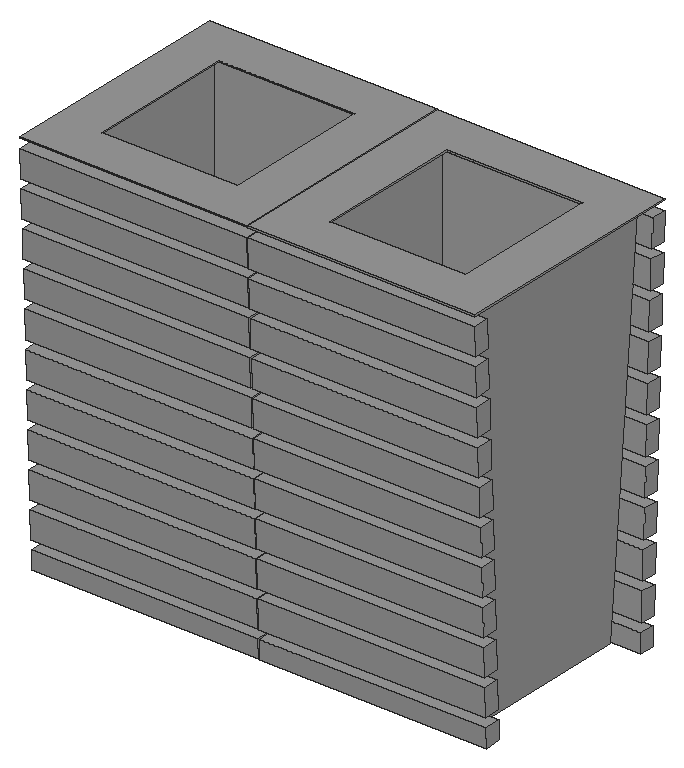
Revit family "Урна для раздельного сбора мусора «Алвариум» Арт 12846", category Антураж, Revit 2018
Family settings
  На основе рабочей плоскости = Нет
  Всегда вертикально = Да
  При загрузке вырезать с полостями = Нет
  Источник визуального образа = Геометрия семейства
  Общий = Нет
  Точка расчета площади = Нет
Parameters (values of type "Версия на 2 секции")
  Ширина = 390 mm  # constant formula
  Цвет урны = Сталь
  Цвет отходов бак №3 = Красный
  Цвет отходов бак №2 = Синий
  Цвет отходов бак №1 = Желтый
  Описание = if([2 секции], "Урна для раздельного сбора мусора «Алвариум». Версия на 2 секции", "Урна для раздельного сбора мусора «Алвариум». Версия на 3 секции")  # "Урна для раздельного сбора мусора «Алвариум». Версия на 2 секции"
  Материал изделия = "Сталь, дерево"  # constant formula
  Изображение типоразмера = Урна для раздельного сбора мусора «Алвариум» Арт 12846.jpg
  Изготовитель = "ООО «Хоббика»"  # constant formula
  Длина = if([2 секции], 745 mm, 1120 mm)  # 745 mm
  Группа модели = "Уличные урны"  # constant formula
  Высота = 650 mm  # constant formula
  Артикул товара = "Арт. 12846"  # constant formula
  URL = "https://hobbyka.ru/product/urna_dlya_razdelnogo_sbora_musora_alvarium/"
  3 секции = not([2 секции])  # no
  2 секции = yes
Types (3, lengths in mm): name | Описание | Длина | 3 секции | 2 секции
  (no name) | "Урна для раздельного сбора мусора «Алвариум». Версия на 2 секции" | 745 | no | yes
  Версия на 3 секции | "Урна для раздельного сбора мусора «Алвариум». Версия на 3 секции" | 1120 | yes | no
  Версия на 2 секции | "Урна для раздельного сбора мусора «Алвариум». Версия на 2 секции" | 745 | no | yes
Reference planes
  plane 1 "По центру (Вперед/Назад)": y = 0
  plane 2: z = 0
  plane 3 "По центру (Влево/Вправо)": x = 0
  plane 4: y = 390
  plane 5: z = 650
  plane 6: x = 745
Forms (mm)
  Extrusion 1, solid, material "Желтый" <- "Цвет отходов бак №1"
    sketch origin (0, 0, 0) x (1, 0, 0) y (0, 1, 0)
      loop
        line (0, 390) -> (0, 0) -> (372, 0) -> (372, 390) -> (0, 390)
      loop
        line (75, 315) -> (75, 75) -> (297, 75) -> (297, 315) -> (75, 315)
    from 648 to 650
  Extrusion 2, solid, material "Красный" <- "Цвет отходов бак №3", visible <- "3 секции"
    sketch origin (373, 0, 0) x (1, 0, 0) y (0, 1, 0)
      loop
        line (375, 390) -> (375, 0) -> (747, 0) -> (747, 390) -> (375, 390)
      loop
        line (450, 315) -> (450, 75) -> (672, 75) -> (672, 315) -> (450, 315)
    from 648 to 650
  Extrusion 3, solid, material "Синий" <- "Цвет отходов бак №2"
    sketch origin (374, 0, 0) x (1, 0, 0) y (0, 1, 0)
      loop
        line (0, 390) -> (0, 0) -> (372, 0) -> (372, 390) -> (0, 390)
      loop
        line (75, 315) -> (75, 75) -> (297, 75) -> (297, 315) -> (75, 315)
    from 648 to 650
  Blend 4, solid, material "Сталь" <- "Цвет урны"
    base sketch origin (0, 0, 0) x (1, 0, 0) y (0, 1, 0)
      loop
        line (50, 340) -> (50, 50) -> (322, 50) -> (322, 340) -> (50, 340)
    top sketch origin (0, 0, 0) x (1, 0, 0) y (0, 1, 0)
      loop
        line (25, 365) -> (25, 25) -> (347, 25) -> (347, 365) -> (25, 365)
    from 0 to 648
  Blend 5, solid, material "Сталь" <- "Цвет урны"
    base sketch origin (374, 0, 0) x (1, 0, 0) y (0, 1, 0)
      loop
        line (50, 340) -> (50, 50) -> (322, 50) -> (322, 340) -> (50, 340)
    top sketch origin (374, 0, 0) x (1, 0, 0) y (0, 1, 0)
      loop
        line (25, 365) -> (25, 25) -> (347, 25) -> (347, 365) -> (25, 365)
    from 0 to 648
  Blend 6, solid, material "Сталь" <- "Цвет урны", visible <- "3 секции"
    base sketch origin (748, 0, 0) x (1, 0, 0) y (0, 1, 0)
      loop
        line (50, 340) -> (50, 50) -> (322, 50) -> (322, 340) -> (50, 340)
    top sketch origin (748, 0, 0) x (1, 0, 0) y (0, 1, 0)
      loop
        line (25, 365) -> (25, 25) -> (347, 25) -> (347, 365) -> (25, 365)
    from 0 to 648
  Blend 7, void
    base sketch origin (0, 0, 0) x (1, 0, 0) y (0, 1, 0)
      loop
        line (52, 338) -> (52, 52) -> (320, 52) -> (320, 338) -> (52, 338)
    top sketch origin (0, 0, 0) x (1, 0, 0) y (0, 1, 0)
      loop
        line (27, 363) -> (27, 27) -> (345, 27) -> (345, 363) -> (27, 363)
    from 0 to 648
  Blend 8, void
    base sketch origin (374, 0, 0) x (1, 0, 0) y (0, 1, 0)
      loop
        line (52, 338) -> (52, 52) -> (320, 52) -> (320, 338) -> (52, 338)
    top sketch origin (374, 0, 0) x (1, 0, 0) y (0, 1, 0)
      loop
        line (27, 363) -> (27, 27) -> (345, 27) -> (345, 363) -> (27, 363)
    from 0 to 648
  Blend 9, void
    base sketch origin (748, 0, 0) x (1, 0, 0) y (0, 1, 0)
      loop
        line (52, 338) -> (52, 52) -> (320, 52) -> (320, 338) -> (52, 338)
    top sketch origin (748, 0, 0) x (1, 0, 0) y (0, 1, 0)
      loop
        line (27, 363) -> (27, 27) -> (345, 27) -> (345, 363) -> (27, 363)
    from 0 to 648
  Extrusion 10, solid, material "Дерево"
    sketch origin (0, 0, 0) x (0, 1, 0) y (0, 0, 1)
      loop
        line (25.579, 633) -> (0.597, 632.036) -> (2.332, 587.07) -> (27.314, 588.033) -> (25.579, 633)
      loop
        line (27.892, 573.045) -> (2.91, 572.081) -> (4.645, 527.114) -> (29.627, 528.078) -> (27.892, 573.045)
      loop
        line (30.205, 513.089) -> (5.223, 512.125) -> (6.958, 467.159) -> (31.94, 468.123) -> (30.205, 513.089)
      loop
        line (32.518, 453.134) -> (7.537, 452.17) -> (9.271, 407.203) -> (34.253, 408.167) -> (32.518, 453.134)
      loop
        line (34.831, 393.178) -> (9.85, 392.215) -> (11.584, 347.248) -> (36.566, 348.212) -> (34.831, 393.178)
      loop
        line (37.144, 333.223) -> (12.163, 332.259) -> (13.898, 287.293) -> (38.879, 288.256) -> (37.144, 333.223)
      loop
        line (39.457, 273.268) -> (14.476, 272.304) -> (16.211, 227.337) -> (41.192, 228.301) -> (39.457, 273.268)
      loop
        line (41.77, 213.312) -> (16.789, 212.348) -> (18.524, 167.382) -> (43.505, 168.346) -> (41.77, 213.312)
      loop
        line (44.083, 153.357) -> (19.102, 152.393) -> (20.837, 107.426) -> (45.818, 108.39) -> (44.083, 153.357)
      loop
        line (46.397, 93.401) -> (21.415, 92.438) -> (23.15, 47.471) -> (48.131, 48.435) -> (46.397, 93.401)
      loop
        line (48.71, 33.446) -> (23.728, 32.482) -> (24.885, 2.505) -> (49.866, 3.468) -> (48.71, 33.446)
      loop
        line (364.421, 633) -> (362.686, 588.033) -> (387.668, 587.07) -> (389.403, 632.036) -> (364.421, 633)
      loop
        line (362.108, 573.045) -> (360.373, 528.078) -> (385.355, 527.114) -> (387.09, 572.081) -> (362.108, 573.045)
      loop
        line (359.795, 513.089) -> (358.06, 468.123) -> (383.042, 467.159) -> (384.777, 512.125) -> (359.795, 513.089)
      loop
        line (357.482, 453.134) -> (355.747, 408.167) -> (380.729, 407.203) -> (382.463, 452.17) -> (357.482, 453.134)
      loop
        line (355.169, 393.178) -> (353.434, 348.212) -> (378.416, 347.248) -> (380.15, 392.215) -> (355.169, 393.178)
      loop
        line (352.856, 333.223) -> (351.121, 288.256) -> (376.102, 287.293) -> (377.837, 332.259) -> (352.856, 333.223)
      loop
        line (350.543, 273.268) -> (348.808, 228.301) -> (373.789, 227.337) -> (375.524, 272.304) -> (350.543, 273.268)
      loop
        line (348.23, 213.312) -> (346.495, 168.346) -> (371.476, 167.382) -> (373.211, 212.348) -> (348.23, 213.312)
      loop
        line (345.917, 153.357) -> (344.182, 108.39) -> (369.163, 107.426) -> (370.898, 152.393) -> (345.917, 153.357)
      loop
        line (343.603, 93.401) -> (341.869, 48.435) -> (366.85, 47.471) -> (368.585, 92.438) -> (343.603, 93.401)
      loop
        line (341.29, 33.446) -> (340.134, 3.468) -> (365.115, 2.505) -> (366.272, 32.482) -> (341.29, 33.446)
    from 0 to 372
  Extrusion 11, solid, material "Дерево"
    sketch origin (0, 0, 0) x (0, 1, 0) y (0, 0, 1)
      loop
        line (25.579, 633) -> (0.597, 632.036) -> (2.332, 587.07) -> (27.314, 588.033) -> (25.579, 633)
      loop
        line (27.892, 573.045) -> (2.91, 572.081) -> (4.645, 527.114) -> (29.627, 528.078) -> (27.892, 573.045)
      loop
        line (30.205, 513.089) -> (5.223, 512.125) -> (6.958, 467.159) -> (31.94, 468.123) -> (30.205, 513.089)
      loop
        line (32.518, 453.134) -> (7.537, 452.17) -> (9.271, 407.203) -> (34.253, 408.167) -> (32.518, 453.134)
      loop
        line (34.831, 393.178) -> (9.85, 392.215) -> (11.584, 347.248) -> (36.566, 348.212) -> (34.831, 393.178)
      loop
        line (37.144, 333.223) -> (12.163, 332.259) -> (13.898, 287.293) -> (38.879, 288.256) -> (37.144, 333.223)
      loop
        line (39.457, 273.268) -> (14.476, 272.304) -> (16.211, 227.337) -> (41.192, 228.301) -> (39.457, 273.268)
      loop
        line (41.77, 213.312) -> (16.789, 212.348) -> (18.524, 167.382) -> (43.505, 168.346) -> (41.77, 213.312)
      loop
        line (44.083, 153.357) -> (19.102, 152.393) -> (20.837, 107.426) -> (45.818, 108.39) -> (44.083, 153.357)
      loop
        line (46.397, 93.401) -> (21.415, 92.438) -> (23.15, 47.471) -> (48.131, 48.435) -> (46.397, 93.401)
      loop
        line (48.71, 33.446) -> (23.728, 32.482) -> (24.885, 2.505) -> (49.866, 3.468) -> (48.71, 33.446)
      loop
        line (364.421, 633) -> (362.686, 588.033) -> (387.668, 587.07) -> (389.403, 632.036) -> (364.421, 633)
      loop
        line (362.108, 573.045) -> (360.373, 528.078) -> (385.355, 527.114) -> (387.09, 572.081) -> (362.108, 573.045)
      loop
        line (359.795, 513.089) -> (358.06, 468.123) -> (383.042, 467.159) -> (384.777, 512.125) -> (359.795, 513.089)
      loop
        line (357.482, 453.134) -> (355.747, 408.167) -> (380.729, 407.203) -> (382.463, 452.17) -> (357.482, 453.134)
      loop
        line (355.169, 393.178) -> (353.434, 348.212) -> (378.416, 347.248) -> (380.15, 392.215) -> (355.169, 393.178)
      loop
        line (352.856, 333.223) -> (351.121, 288.256) -> (376.102, 287.293) -> (377.837, 332.259) -> (352.856, 333.223)
      loop
        line (350.543, 273.268) -> (348.808, 228.301) -> (373.789, 227.337) -> (375.524, 272.304) -> (350.543, 273.268)
      loop
        line (348.23, 213.312) -> (346.495, 168.346) -> (371.476, 167.382) -> (373.211, 212.348) -> (348.23, 213.312)
      loop
        line (345.917, 153.357) -> (344.182, 108.39) -> (369.163, 107.426) -> (370.898, 152.393) -> (345.917, 153.357)
      loop
        line (343.603, 93.401) -> (341.869, 48.435) -> (366.85, 47.471) -> (368.585, 92.438) -> (343.603, 93.401)
      loop
        line (341.29, 33.446) -> (340.134, 3.468) -> (365.115, 2.505) -> (366.272, 32.482) -> (341.29, 33.446)
    from 374 to 746
  Extrusion 12, solid, material "Дерево", visible <- "3 секции"
    sketch origin (0, 0, 0) x (0, 1, 0) y (0, 0, 1)
      loop
        line (25.579, 633) -> (0.597, 632.036) -> (2.332, 587.07) -> (27.314, 588.033) -> (25.579, 633)
      loop
        line (27.892, 573.045) -> (2.91, 572.081) -> (4.645, 527.114) -> (29.627, 528.078) -> (27.892, 573.045)
      loop
        line (30.205, 513.089) -> (5.223, 512.125) -> (6.958, 467.159) -> (31.94, 468.123) -> (30.205, 513.089)
      loop
        line (32.518, 453.134) -> (7.537, 452.17) -> (9.271, 407.203) -> (34.253, 408.167) -> (32.518, 453.134)
      loop
        line (34.831, 393.178) -> (9.85, 392.215) -> (11.584, 347.248) -> (36.566, 348.212) -> (34.831, 393.178)
      loop
        line (37.144, 333.223) -> (12.163, 332.259) -> (13.898, 287.293) -> (38.879, 288.256) -> (37.144, 333.223)
      loop
        line (39.457, 273.268) -> (14.476, 272.304) -> (16.211, 227.337) -> (41.192, 228.301) -> (39.457, 273.268)
      loop
        line (41.77, 213.312) -> (16.789, 212.348) -> (18.524, 167.382) -> (43.505, 168.346) -> (41.77, 213.312)
      loop
        line (44.083, 153.357) -> (19.102, 152.393) -> (20.837, 107.426) -> (45.818, 108.39) -> (44.083, 153.357)
      loop
        line (46.397, 93.401) -> (21.415, 92.438) -> (23.15, 47.471) -> (48.131, 48.435) -> (46.397, 93.401)
      loop
        line (48.71, 33.446) -> (23.728, 32.482) -> (24.885, 2.505) -> (49.866, 3.468) -> (48.71, 33.446)
      loop
        line (364.421, 633) -> (362.686, 588.033) -> (387.668, 587.07) -> (389.403, 632.036) -> (364.421, 633)
      loop
        line (362.108, 573.045) -> (360.373, 528.078) -> (385.355, 527.114) -> (387.09, 572.081) -> (362.108, 573.045)
      loop
        line (359.795, 513.089) -> (358.06, 468.123) -> (383.042, 467.159) -> (384.777, 512.125) -> (359.795, 513.089)
      loop
        line (357.482, 453.134) -> (355.747, 408.167) -> (380.729, 407.203) -> (382.463, 452.17) -> (357.482, 453.134)
      loop
        line (355.169, 393.178) -> (353.434, 348.212) -> (378.416, 347.248) -> (380.15, 392.215) -> (355.169, 393.178)
      loop
        line (352.856, 333.223) -> (351.121, 288.256) -> (376.102, 287.293) -> (377.837, 332.259) -> (352.856, 333.223)
      loop
        line (350.543, 273.268) -> (348.808, 228.301) -> (373.789, 227.337) -> (375.524, 272.304) -> (350.543, 273.268)
      loop
        line (348.23, 213.312) -> (346.495, 168.346) -> (371.476, 167.382) -> (373.211, 212.348) -> (348.23, 213.312)
      loop
        line (345.917, 153.357) -> (344.182, 108.39) -> (369.163, 107.426) -> (370.898, 152.393) -> (345.917, 153.357)
      loop
        line (343.603, 93.401) -> (341.869, 48.435) -> (366.85, 47.471) -> (368.585, 92.438) -> (343.603, 93.401)
      loop
        line (341.29, 33.446) -> (340.134, 3.468) -> (365.115, 2.505) -> (366.272, 32.482) -> (341.29, 33.446)
    from 748 to 1120
Cuts and joins
  Blend 7, Blend 8 cuts Blend 4
  Blend 8 cuts Extrusion 1
  Blend 9 cuts Extrusion 3
  Blend 8, Blend 9 cuts Blend 5
  Blend 9 cuts Blend 6
Dimensions and locks
  "Ширина": plane 4 to plane 1 "По центру (Вперед/Назад)"
  "Высота": plane 5 to plane 2
  "Длина": plane 3 "По центру (Влево/Вправо)" to plane 6
  aligned and locked: level to plane 2
Automatic sketch dimensions
  plane 1 "По центру (Вперед/Назад)" to Extrusion 1 sketch curve = 0 mm
  Extrusion 1 sketch curve to plane 3 "По центру (Влево/Вправо)" = 0 mm
  Extrusion 1 sketch curve to plane 4 = 0 mm
  plane 3 "По центру (Влево/Вправо)" to Extrusion 1 sketch curve = 75 mm
  Extrusion 1 sketch curve to plane 1 "По центру (Вперед/Назад)" = 75 mm
  Extrusion 1 sketch curve to Extrusion 1 sketch curve = 222 mm
  Extrusion 1 sketch curve to Extrusion 1 sketch curve = 75 mm
  Extrusion 1 sketch curve to plane 4 = 75 mm
  plane 1 "По центру (Вперед/Назад)" to Extrusion 2 sketch curve = 0 mm
  Extrusion 2 sketch curve to plane 4 = 0 mm
  Extrusion 2 sketch curve to plane 4 = 75 mm
  Extrusion 2 sketch curve to Extrusion 2 sketch curve = 222 mm
  Extrusion 2 sketch curve to Extrusion 2 sketch curve = 75 mm  (x2)
  Extrusion 2 sketch curve to plane 1 "По центру (Вперед/Назад)" = 75 mm
  plane 1 "По центру (Вперед/Назад)" to Extrusion 3 sketch curve = 0 mm
  Extrusion 3 sketch curve to plane 4 = 0 mm
  plane 3 "По центру (Влево/Вправо)" to Extrusion 3 sketch curve = 374 mm
  Extrusion 3 sketch curve to Extrusion 3 sketch curve = 75 mm  (x2)
  Extrusion 3 sketch curve to plane 1 "По центру (Вперед/Назад)" = 75 mm
  Extrusion 3 sketch curve to Extrusion 3 sketch curve = 222 mm
  Extrusion 3 sketch curve to plane 4 = 75 mm
  plane 3 "По центру (Влево/Вправо)" to Blend 4 sketch curve = 50 mm
  Blend 4 sketch curve to plane 1 "По центру (Вперед/Назад)" = 50 mm
  Blend 4 sketch curve to Blend 4 sketch curve = 272 mm
  Blend 4 sketch curve to plane 4 = 50 mm
  plane 3 "По центру (Влево/Вправо)" to Blend 4 sketch curve = 25 mm
  Blend 4 sketch curve to plane 1 "По центру (Вперед/Назад)" = 25 mm
  Blend 4 sketch curve to Blend 4 sketch curve = 322 mm
  Blend 4 sketch curve to plane 4 = 25 mm
  Blend 5 sketch curve to plane 1 "По центру (Вперед/Назад)" = 50 mm
  plane 3 "По центру (Влево/Вправо)" to Blend 5 sketch curve = 424 mm
  Blend 5 sketch curve to Blend 5 sketch curve = 272 mm
  Blend 5 sketch curve to plane 4 = 50 mm
  Blend 5 sketch curve to plane 4 = 25 mm
  plane 3 "По центру (Влево/Вправо)" to Blend 5 sketch curve = 399 mm
  Blend 5 sketch curve to plane 1 "По центру (Вперед/Назад)" = 25 mm
  Blend 5 sketch curve to Blend 5 sketch curve = 322 mm
  Blend 6 sketch curve to plane 1 "По центру (Вперед/Назад)" = 50 mm
  Blend 6 sketch curve to plane 4 = 50 mm
  Blend 6 sketch curve to plane 4 = 25 mm
  Blend 6 sketch curve to plane 1 "По центру (Вперед/Назад)" = 25 mm
  plane 3 "По центру (Влево/Вправо)" to Blend 7 sketch curve = 52 mm
  Blend 7 sketch curve to plane 1 "По центру (Вперед/Назад)" = 52 mm
  Blend 7 sketch curve to Blend 7 sketch curve = 268 mm
  Blend 7 sketch curve to plane 4 = 52 mm
  plane 3 "По центру (Влево/Вправо)" to Blend 7 sketch curve = 27 mm
  Blend 7 sketch curve to plane 1 "По центру (Вперед/Назад)" = 27 mm
  Blend 7 sketch curve to Blend 7 sketch curve = 318 mm
  Blend 7 sketch curve to plane 4 = 27 mm
  Blend 8 sketch curve to plane 1 "По центру (Вперед/Назад)" = 52 mm
  plane 3 "По центру (Влево/Вправо)" to Blend 8 sketch curve = 426 mm
  Blend 8 sketch curve to Blend 8 sketch curve = 268 mm
  Blend 8 sketch curve to plane 4 = 52 mm
  Blend 8 sketch curve to plane 1 "По центру (Вперед/Назад)" = 27 mm
  plane 3 "По центру (Влево/Вправо)" to Blend 8 sketch curve = 401 mm
  Blend 8 sketch curve to Blend 8 sketch curve = 318 mm
  Blend 8 sketch curve to plane 4 = 27 mm
  Blend 9 sketch curve to plane 1 "По центру (Вперед/Назад)" = 52 mm
  Blend 9 sketch curve to plane 4 = 52 mm
  Blend 9 sketch curve to plane 1 "По центру (Вперед/Назад)" = 27 mm
  Blend 9 sketch curve to plane 4 = 27 mm
  Extrusion 10 sketch curve to plane 1 "По центру (Вперед/Назад)" = 0.597 mm
  Extrusion 10 sketch curve to plane 1 "По центру (Вперед/Назад)" = 2.332 mm
  Extrusion 10 sketch curve to plane 1 "По центру (Вперед/Назад)" = 2.91 mm
  Extrusion 10 sketch curve to plane 1 "По центру (Вперед/Назад)" = 4.645 mm
  Extrusion 10 sketch curve to plane 1 "По центру (Вперед/Назад)" = 5.223 mm
  Extrusion 10 sketch curve to plane 1 "По центру (Вперед/Назад)" = 6.958 mm
  Extrusion 10 sketch curve to plane 1 "По центру (Вперед/Назад)" = 7.537 mm
  Extrusion 10 sketch curve to plane 1 "По центру (Вперед/Назад)" = 9.271 mm
  Extrusion 10 sketch curve to plane 1 "По центру (Вперед/Назад)" = 9.85 mm
  Extrusion 10 sketch curve to plane 1 "По центру (Вперед/Назад)" = 11.584 mm
  Extrusion 10 sketch curve to plane 1 "По центру (Вперед/Назад)" = 12.163 mm
  Extrusion 10 sketch curve to plane 1 "По центру (Вперед/Назад)" = 13.898 mm
  Extrusion 10 sketch curve to plane 1 "По центру (Вперед/Назад)" = 14.476 mm
  Extrusion 10 sketch curve to plane 1 "По центру (Вперед/Назад)" = 16.211 mm
  Extrusion 10 sketch curve to Extrusion 10 sketch curve = 0.578 mm  (x28)
  Extrusion 10 sketch curve to plane 1 "По центру (Вперед/Назад)" = 18.524 mm
  Extrusion 10 sketch curve to plane 1 "По центру (Вперед/Назад)" = 20.837 mm
  Extrusion 10 sketch curve to plane 1 "По центру (Вперед/Назад)" = 23.15 mm
  level to Extrusion 10 sketch curve = 2.505 mm  (x2)
  Extrusion 10 sketch curve to plane 1 "По центру (Вперед/Назад)" = 24.885 mm
  Extrusion 10 sketch curve to Extrusion 10 sketch curve = 24.981 mm
  level to Extrusion 10 sketch curve = 3.468 mm  (x2)
  Extrusion 10 sketch curve to plane 4 = 49.866 mm
  level to Extrusion 10 sketch curve = 33.446 mm
  Extrusion 10 sketch curve to Extrusion 10 sketch curve = 1.157 mm
  Extrusion 10 sketch curve to Extrusion 10 sketch curve = 1.735 mm
  Extrusion 10 sketch curve to plane 4 = 44.083 mm
  Extrusion 10 sketch curve to plane 4 = 41.77 mm
  Extrusion 10 sketch curve to plane 4 = 39.457 mm
  Extrusion 10 sketch curve to plane 4 = 37.144 mm
  Extrusion 10 sketch curve to plane 4 = 34.831 mm
  Extrusion 10 sketch curve to plane 4 = 32.518 mm
  Extrusion 10 sketch curve to plane 4 = 30.205 mm
  Extrusion 10 sketch curve to plane 4 = 27.892 mm
  Extrusion 10 sketch curve to plane 4 = 25.579 mm
  Extrusion 10 sketch curve to plane 4 = 13.898 mm
  Extrusion 10 sketch curve to plane 4 = 11.584 mm
  Extrusion 10 sketch curve to plane 4 = 9.271 mm
  Extrusion 10 sketch curve to plane 4 = 6.958 mm
  Extrusion 10 sketch curve to plane 4 = 4.645 mm
  Extrusion 10 sketch curve to plane 4 = 2.332 mm
  Extrusion 10 sketch curve to Extrusion 10 sketch curve = 14.989 mm  (x40)
  Extrusion 11 sketch curve to plane 5 = 17.964 mm
  Extrusion 11 sketch curve to plane 1 "По центру (Вперед/Назад)" = 0.597 mm
  Extrusion 11 sketch curve to plane 5 = 62.93 mm  (x2)
  Extrusion 11 sketch curve to Extrusion 11 sketch curve = 1.735 mm  (x20)
  Extrusion 11 sketch curve to Extrusion 11 sketch curve = 0.578 mm  (x39)
  level to Extrusion 11 sketch curve = 107.426 mm
  level to Extrusion 11 sketch curve = 47.471 mm  (x2)
  level to Extrusion 11 sketch curve = 32.482 mm
  level to Extrusion 11 sketch curve = 2.505 mm  (x2)
  Extrusion 11 sketch curve to Extrusion 11 sketch curve = 1.157 mm  (x2)
  Extrusion 11 sketch curve to plane 5 = 17 mm  (x2)
  Extrusion 11 sketch curve to plane 5 = 76.955 mm  (x2)
  level to Extrusion 11 sketch curve = 93.401 mm
  level to Extrusion 11 sketch curve = 33.446 mm  (x2)
  level to Extrusion 11 sketch curve = 3.468 mm
  Extrusion 11 sketch curve to plane 4 = 49.866 mm
  level to Extrusion 11 sketch curve = 48.435 mm
  Extrusion 11 sketch curve to Extrusion 11 sketch curve = 14.989 mm  (x29)
  Extrusion 12 sketch curve to plane 5 = 17.964 mm
  Extrusion 12 sketch curve to plane 4 = 389.403 mm
  Extrusion 12 sketch curve to Extrusion 12 sketch curve = 1.735 mm  (x20)
  Extrusion 12 sketch curve to Extrusion 12 sketch curve = 0.578 mm  (x36)
  level to Extrusion 12 sketch curve = 2.505 mm  (x2)
  Extrusion 12 sketch curve to Extrusion 12 sketch curve = 1.157 mm  (x2)
  Extrusion 12 sketch curve to plane 5 = 17 mm  (x2)
  Extrusion 12 sketch curve to Extrusion 12 sketch curve = 24.981 mm
  level to Extrusion 12 sketch curve = 3.468 mm  (x2)
  Extrusion 12 sketch curve to plane 4 = 49.866 mm
  level to Extrusion 12 sketch curve = 33.446 mm
  level to Extrusion 12 sketch curve = 48.435 mm
  level to Extrusion 12 sketch curve = 93.401 mm
  level to Extrusion 12 sketch curve = 108.39 mm
  level to Extrusion 12 sketch curve = 153.357 mm
  Extrusion 12 sketch curve to plane 5 = 136.911 mm
  Extrusion 12 sketch curve to plane 5 = 121.922 mm
  Extrusion 12 sketch curve to plane 5 = 76.955 mm
  Extrusion 12 sketch curve to plane 5 = 61.967 mm
  level to Extrusion 12 sketch curve = 47.471 mm
  level to Extrusion 12 sketch curve = 107.426 mm
  Extrusion 12 sketch curve to plane 5 = 122.886 mm
  Extrusion 12 sketch curve to plane 5 = 62.93 mm
  Extrusion 12 sketch curve to Extrusion 12 sketch curve = 14.989 mm  (x29)
  plane 3 "По центру (Влево/Вправо)" to Extrusion 2 sketch curve = 748 mm
  plane 3 "По центру (Влево/Вправо)" to Blend 6 sketch curve = 798 mm
  Blend 6 sketch curve to Blend 6 sketch curve = 272 mm
  plane 3 "По центру (Влево/Вправо)" to Blend 6 sketch curve = 773 mm
  Blend 6 sketch curve to Blend 6 sketch curve = 322 mm
  plane 3 "По центру (Влево/Вправо)" to Blend 9 sketch curve = 800 mm
  Blend 9 sketch curve to Blend 9 sketch curve = 268 mm
  plane 3 "По центру (Влево/Вправо)" to Blend 9 sketch curve = 775 mm
  Blend 9 sketch curve to Blend 9 sketch curve = 318 mm
